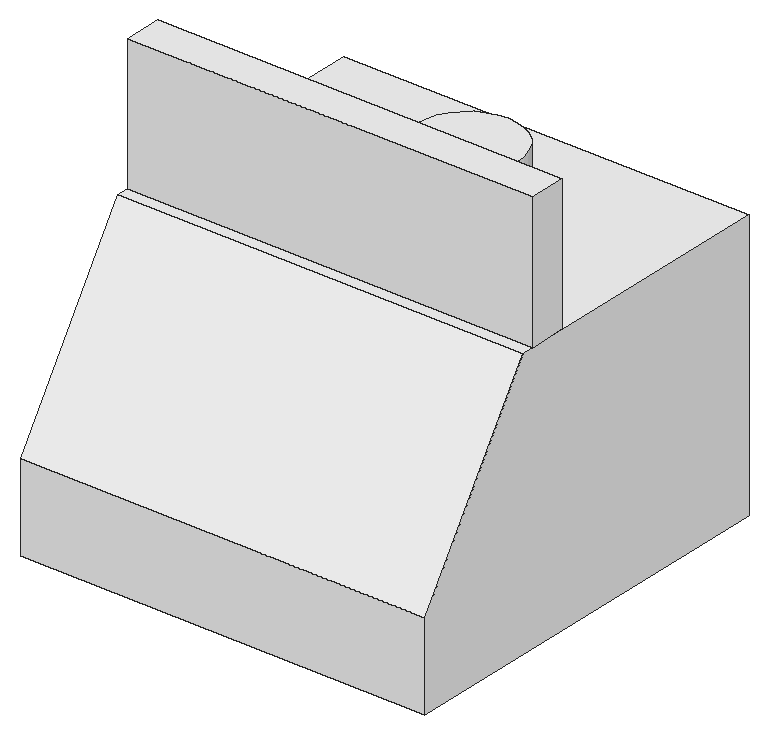
Revit family "v-604_904kd8_60Hz", category 機械設備, Revit 2019
Family settings
  丸型コネクタ寸法 = 直径を使用
  パーツ タイプ = 標準
  OmniClass 番号 = 23.75.35.17.27
  OmniClass タイトル = Centrifugal Fans
  作業面ベース = いいえ
  常に垂直 = はい
  ロード時にボイドで切り取り = いいえ
  共有 = いいえ
  部屋計算ポイント = いいえ
Parameters (values of type "V-604KD8")
  騒音レベル(dB(A)) = 39
  風量 = 575.0 m³/h
  電源種別 [instance] = ""
  電圧 = 100 V
  電動機出力 = 0 W
  電動機_種別 = ""
  集中コントローラ = ""
  運転質量 = 0.00 kg
  連動 [instance] = ""
  質量 = if(製品質量 > 運転質量, 製品質量, 運転質量) * 1.2  # 21.00 kg
  負荷分類 = 3_ファン類
  説明 = "レンジフードファン 深形 標準タイプ フラットスイッチタイプ"
  設計風量 = 0.0 m³/h
  設置方法 = "天吊"
  記号 [instance] = ""
  製造元 = "三菱電機株式会社"
  製品質量 = 17.50 kg
  製品出荷対象 = "国内"
  製品リリース年月 = "2022年6月1日"
  製品グループ = ""
  系統 [instance] = ""
  符号 = if(☑給気／□排気, "FS", "FE")  # "FE"
  積算_科目 = "2 換気設備"
  積算_拾い区分 [instance] = ""
  相 = 1
  盤記号 [instance] = ""
  発停方法 [instance] = ""
  特殊仕様 [instance] = ""
  火災停止 [instance] = ""
  消費電力 = 90 W
  法定耐用年数 = "15"
  機外静圧_排気 = 210.0 Pa
  機外静圧 = 0.0 Pa
  極数 = 2
  材質 [instance] = ""
  操作・制御方式 = ""
  操作・制御スイッチ = ""
  排気量 = 0.0 m³/h
  形式 = "片吸込形"
  幹線記号 [instance] = ""
  対象室 [instance] = ""
  実風量 = 0.0 m³/h
  始動方式 [instance] = "直入"
  天吊用穴_D_後・上配管 = 255 mm
  天吊用穴_D_右・左配管 = 290 mm
  天吊用穴_ピッチ = 480 mm
  外気量 = 0.0 m³/h
  呼称 = "遠心送風機"
  周波数 = 60 Hz
  参照している仕様書等のバージョン = ""
  分類コード = "50052503100060"
  分類グループ = ""
  価格 = 109500
  企業コード = "108420"
  付属品_フィルター_還気 = ""
  付属品_フィルター = ""
  付属品 [instance] = ""
  仕様書バージョン = "Version1.0"
  モデル = "V-604KD8"
  マテリアル = 鋼板(白)
  ファンの種類 = ""
  ダクト径 = 150 mm
  コメント [instance] = ""
  Keynote = ""
  Assembly Code = ""
  ☑給気／□排気 = no
  Width = 600 mm
  W1 = Width / 2  # 300 mm
  Version = ""
  Uniclass2015Version = "Systems v1.9"
  Uniclass2015Title = "Centrifugal fans"
  Uniclass2015Code = "Pr_65_67_29_12"
  URL = "https://www.mitsubishielectric.co.jp/ldg/wink/ssl/displayProduct.do?pid=320912"
  SpecificationReference = ""
  SpecificationDescription = ""
  Revision = ""
  ProductInformation = ""
  OmniClassCode = "23-33 31 19 13 15"
  MIN風量 = 143.0 m³/h
  MIN静圧 = 0.0 Pa
  MID風量 = 335.0 m³/h
  MID静圧 = 0.0 Pa
  MAX風量 = 575.0 m³/h
  MAX静圧 = 0.0 Pa
  IfcTypeProduct = ""
  IfcProduct = ""
  IfcExportType = "CENTRIFUGALFORWARDCURVED"
  IfcExportAs = "IfcFanType"
  Height = 400 mm
  H2 = 600 mm
  H1 = 129 mm
  EAサイズ_D = 148 mm
  Duct_Height = 55 mm
  Duct_D = 145 mm
  Depth = 600 mm
  D3 = 55 mm
  D2 = 400 mm
  D1 = 419 mm
  Clearance Top = 0 mm
  Clearance Right = 0 mm
  Clearance Left = 0 mm
  Clearance Front = 0 mm
  Clearance Bottom = 0 mm
  Clearance Back = 0 mm
  Author = "三菱電機株式会社"
Types (3, lengths in mm): name | 質量 | 製品質量 | 価格 | モデル | Width | W1 | URL
  V-604KD8 | 21.00 kg | 17.50 kg | 109500 | "V-604KD8" | 600 | 300 | "https://www.mitsubishielectric.co.jp/ldg/wink/ssl/displayProduct.do?pid=320912"
  V-754KD8 | 23.40 kg | 19.50 kg | 144700 | "V-754KD8" | 750 | 375 | "https://www.mitsubishielectric.co.jp/ldg/wink/ssl/displayProduct.do?pid=320929"
  V-904KD8 | 25.80 kg | 21.50 kg | 180300 | "V-904KD8" | 900 | 450 | "https://www.mitsubishielectric.co.jp/ldg/wink/ssl/displayProduct.do?pid=320565"
Reference planes
  plane 1 "中心(正面/背面)": y = 0
  plane 2: z = 0
  plane 3 "中心(左/右)": x = 0
  plane 4: x = -300
  plane 5: x = 300
  plane 6: y = -600
  plane 7: z = -400
  plane 8: z = -271
  plane 9: z = 55
  plane 10: y = -300
  plane 11: y = -419
  plane 12: y = -145
  plane 13: z = 200
  plane 14: y = -345
  plane 15: y = -400
  plane 16: x = -240
  plane 17: x = 240
  plane 18: y = -255
  plane 19: y = -290
  plane 20: x = -150
  plane 21: x = 150
Forms (mm)
  Extrusion 1, solid, material "鋼板(白)" <- "マテリアル", detail levels fine
    sketch origin (0, 0, 0) x (1, 0, 0) y (0, 1, 0)
      loop
        line (-300, 0) -> (-300, -419) -> (300, -419) -> (300, 0) -> (-300, 0)
    from -400 to 0
  Blend 2, solid, material "鋼板(白)" <- "マテリアル", detail levels fine
    base sketch origin (0, 0, 0) x (1, 0, 0) y (0, 0, 1)
      loop
        line (-300, -400) -> (300, -400) -> (300, 0) -> (-300, 0) -> (-300, -400)
    top sketch origin (0, 0, 0) x (1, 0, 0) y (0, 0, 1)
      loop
        line (-300, -400) -> (300, -400) -> (300, -271) -> (-300, -271) -> (-300, -400)
    from 419 to 600
  Extrusion 3, solid, material "鋼板(白)" <- "マテリアル", detail levels fine
    sketch origin (0, 0, 0) x (1, 0, 0) y (0, 1, 0)
      loop
        circle (0, -145) r 74
    from 0 to 55
  Extrusion 4, solid, material "鋼板(白)" <- "マテリアル", detail levels fine
    sketch origin (0, 0, 0) x (1, 0, 0) y (0, 1, 0)
      loop
        line (-300, -345) -> (-300, -400) -> (300, -400) -> (300, -345) -> (-300, -345)
    from 0 to 200
Cuts and joins
  joined: Extrusion 1, Blend 2
Lines and regions (mm)
  Masking region 1, detail levels coarse+medium
    outline origin (1326.5, 29, 0) x (1, 0, 0) y (0, 1, 0)
      loop
        line (-1626.5, -29) -> (-1626.5, -629) -> (-1026.5, -629) -> (-1026.5, -29) -> (-1626.5, -29)
  symbolic lines, detail levels coarse+medium
    curve 1: circle (-150, -300, 0) r 150 normal (0, 0, 1)
    curve 2: circle (150, -300, 0) r 150 normal (0, 0, 1)
Dimensions and locks
  equal spacing: plane 4, plane 3 "中心(左/右)", plane 5
  "Width": plane 4 to plane 5
  equal spacing: plane 6, plane 10, plane 1 "中心(正面/背面)"
  "Depth": plane 1 "中心(正面/背面)" to plane 6
  "D1": plane 1 "中心(正面/背面)" to plane 11
  "Duct_D": plane 1 "中心(正面/背面)" to plane 12
  "Height": level to plane 7
  "Duct_Height": plane 9 to level
  "H1": plane 8 to plane 7
  "H2": plane 13 to plane 7
  "D3": plane 14 to plane 15
  "D2": plane 1 "中心(正面/背面)" to plane 15
  "天吊用穴_ピッチ": plane 16 to plane 17
  equal spacing: plane 16, plane 3 "中心(左/右)", plane 17
  "天吊用穴_D_後・上配管": plane 1 "中心(正面/背面)" to plane 18
  "天吊用穴_D_右・左配管": plane 1 "中心(正面/背面)" to plane 19
  equal spacing: plane 4, plane 20, plane 3 "中心(左/右)"
  equal spacing: plane 3 "中心(左/右)", plane 21, plane 5
  "EAサイズ_D": diameter of Extrusion 3 sketch curve
  "W1": diameter of curve 1
  "W1": diameter of curve 2
  aligned and locked: level to plane 2
  aligned and locked: Masking region 1 to plane 4
  aligned and locked: plane 5 to Masking region 1
  aligned and locked: Masking region 1 to plane 6
  aligned and locked: Masking region 1 to plane 1 "中心(正面/背面)"
  aligned and locked: plane 1 "中心(正面/背面)" to Extrusion 1 sketch curve
  aligned and locked: plane 4 to Extrusion 1 sketch curve
  aligned and locked: plane 11 to Extrusion 1 sketch curve
  aligned and locked: Extrusion 1 sketch curve to plane 5
  aligned and locked: Blend 2 sketch curve to plane 7  (x2)
  aligned and locked: level to Blend 2 sketch curve
  aligned and locked: Blend 2 sketch curve to plane 5
  aligned and locked: Blend 2 sketch curve to plane 4
  aligned and locked: var sketch to Blend 2 sketch curve
  aligned and locked: Extrusion 1 to plane 7
  aligned and locked: level to Extrusion 1
  aligned and locked: Blend 2 to plane 6
  aligned and locked: plane 11 to Blend 2
  aligned and locked: plane 9 to Extrusion 3
  aligned and locked: Extrusion 3 to level
  aligned and locked: plane 8 to Blend 2 sketch curve
  aligned and locked: Extrusion 4 sketch curve to plane 14
  aligned and locked: plane 4 to Extrusion 4 sketch curve
  aligned and locked: plane 15 to Extrusion 4 sketch curve
  aligned and locked: Extrusion 4 sketch curve to plane 5
  aligned and locked: plane 13 to Extrusion 4
  aligned and locked: Extrusion 4 to level
  aligned and locked: nested 1 to plane 19
  aligned and locked: plane 18 to nested 1
  aligned and locked: plane 16 to nested 1
  aligned and locked: plane 17 to nested 1
Automatic sketch dimensions
  Masking region 1 sketch curve to plane 4 = 0 mm
  Masking region 1 sketch curve to plane 5 = 0 mm
  Masking region 1 sketch curve to plane 6 = 0 mm
  plane 1 "中心(正面/背面)" to Masking region 1 sketch curve = 0 mm
  Blend 2 sketch curve to plane 4 = 0 mm
  Extrusion 3 sketch curve to plane 3 "中心(左/右)" = 0 mm
  Extrusion 3 sketch curve to plane 12 = 0 mm
  curve 1 to plane 10 = 0 mm
  curve 1 to plane 20 = 0 mm
  curve 2 to plane 10 = 0 mm
  curve 2 to plane 21 = 0 mm
Nested families
  nested 1: "固定点" at (-240, -290, 0), type "固定点"
    with W 480 mm, D 35 mm
Connectors
  hvac at (0, -145, 55), driven by "ダクト径", driven by "機外静圧", driven by "風量"
    settings: on Extrusion 3, index 1, duct flow 575.0 m³/h, flow factor 0, pres drop 0.0 Pa, loss coef 0, conn angle 0.00°, conn width 304.8 mm, conn height 304.8 mm, conn diameter 150 mm, duct sys type 3, conn prof type 0, flow config 0, flow direction 2, loss method 4, conn ref index -1, conn util no, is conn primary yes, conn desc ""
  electrical at (0, -209.5, 0), driven by "極数", driven by "負荷分類", driven by "電圧", driven by "消費電力"
    settings: on cut or joined group of Extrusion 1, Blend 2, index 2, voltage 100 V, apparent load 90 VA, apparent load phase1 0 VA, apparent load phase2 0 VA, apparent load phase3 0 VA, power factor 1, load classification "3_ファン類", number of poles 2, system type 30, power factor state 1, is connector primary yes, connector utility no, sub classification motor no, connector description ""
Definition of nested family "固定点"
  Parameters (values of type "固定点")
    中心円 = 20 mm
    W [instance] = 1000 mm
    D [instance] = 1000 mm
  Reference planes
    plane 1 "中心(正面/背面)": y = 0
    plane 2: z = 0
    plane 3 "中心(左/右)": x = 0
    plane 4: x = 1000
    plane 5: y = 1000
  Lines and regions (mm)
    symbolic lines, detail levels fine
      curve 1: circle (0, 1000, 0) r 10 normal (0, 0, 1)
      curve 2: circle (0, 0, 0) r 10 normal (0, 0, 1)
      curve 3: circle (1000, 1000, 0) r 10 normal (0, 0, 1)
      curve 4: circle (1000, 0, 0) r 10 normal (0, 0, 1)
      curve 5: line (-200, 1000, 0) -> (1200, 1000, 0)
      curve 6: line (-200, 0, 0) -> (1200, 0, 0)
      curve 7: line (0, 1200, 0) -> (0, -200, 0)
      curve 8: line (1000, 1200, 0) -> (1000, -200, 0)
  Dimensions and locks
    "W": plane 3 "中心(左/右)" to plane 4
    "D": plane 1 "中心(正面/背面)" to plane 5
    "中心円": diameter of curve 1
    "中心円": diameter of curve 2
    "中心円": diameter of curve 3
    "中心円": diameter of curve 4
    aligned and locked: level to plane 2
    aligned and locked: plane 5 to curve 1
    aligned and locked: plane 3 "中心(左/右)" to curve 1
    aligned and locked: plane 3 "中心(左/右)" to curve 2
    aligned and locked: plane 1 "中心(正面/背面)" to curve 2
    aligned and locked: plane 4 to curve 3
    aligned and locked: plane 5 to curve 3
    aligned and locked: plane 1 "中心(正面/背面)" to curve 4
    aligned and locked: plane 4 to curve 4
    aligned and locked: plane 1 "中心(正面/背面)" to curve 6
    aligned and locked: curve 7 to plane 3 "中心(左/右)"
    aligned and locked: curve 8 to plane 4
  Automatic sketch dimensions
    curve 5 to plane 5 = 0 mm
    curve 6 to plane 3 "中心(左/右)" = 200 mm
    curve 5 to plane 3 "中心(左/右)" = 200 mm
    curve 4 to curve 6 = 200 mm
    curve 3 to curve 5 = 200 mm
    plane 1 "中心(正面/背面)" to curve 8 = 200 mm
    plane 1 "中心(正面/背面)" to curve 7 = 200 mm
    curve 3 to curve 8 = 200 mm
    curve 1 to curve 7 = 200 mm
